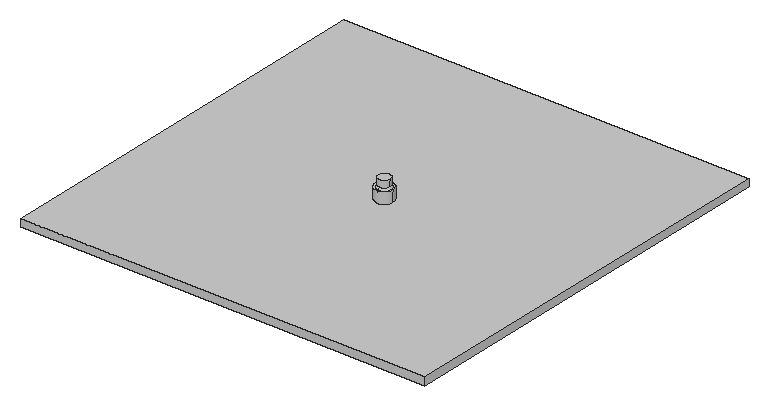
Revit family "SG0086523061CW", category Aparatos sanitarios, Revit 2019 (continued)
Forms (mm)
  Extrusion 869, solid, material "Bronce" <- "Bronce"
    sketch origin (725, -325, 2438.4) x (1, 0, 0) y (0, 1, 0)
      loop
        circle (-375, 375) r 0.896
    from -53.558 to -53.305
  Extrusion 870, solid, material "Bronce" <- "Bronce"
    sketch origin (711.097, -311.426, 2438.4) x (1, 0, 0) y (0, 1, 0)
      loop
        circle (-336.097, 361.426) r 1
    from -53.305 to -53
  Extrusion 871, solid, material "Bronce" <- "Bronce"
    sketch origin (750, -325, 2438.4) x (1, 0, 0) y (0, 1, 0)
      loop
        circle (-375, 375) r 0.896
    from -53.558 to -53.305
  Extrusion 872, solid, material "Bronce" <- "Bronce"
    sketch origin (-38.903, -336.426, 2438.4) x (1, 0, 0) y (0, 1, 0)
      loop
        circle (-336.097, 361.426) r 1
    from -53.305 to -53
  Extrusion 873, solid, material "Bronce" <- "Bronce"
    sketch origin (0, -350, 2438.4) x (1, 0, 0) y (0, 1, 0)
      loop
        circle (-375, 375) r 0.896
    from -53.558 to -53.305
  Extrusion 874, solid, material "Bronce" <- "Bronce"
    sketch origin (-13.903, -336.426, 2438.4) x (1, 0, 0) y (0, 1, 0)
      loop
        circle (-336.097, 361.426) r 1
    from -53.305 to -53
  Extrusion 875, solid, material "Bronce" <- "Bronce"
    sketch origin (25, -350, 2438.4) x (1, 0, 0) y (0, 1, 0)
      loop
        circle (-375, 375) r 0.896
    from -53.558 to -53.305
  Extrusion 876, solid, material "Bronce" <- "Bronce"
    sketch origin (11.097, -336.426, 2438.4) x (1, 0, 0) y (0, 1, 0)
      loop
        circle (-336.097, 361.426) r 1
    from -53.305 to -53
  Extrusion 877, solid, material "Bronce" <- "Bronce"
    sketch origin (50, -350, 2438.4) x (1, 0, 0) y (0, 1, 0)
      loop
        circle (-375, 375) r 0.896
    from -53.558 to -53.305
  Extrusion 878, solid, material "Bronce" <- "Bronce"
    sketch origin (36.097, -336.426, 2438.4) x (1, 0, 0) y (0, 1, 0)
      loop
        circle (-336.097, 361.426) r 1
    from -53.305 to -53
  Extrusion 879, solid, material "Bronce" <- "Bronce"
    sketch origin (75, -350, 2438.4) x (1, 0, 0) y (0, 1, 0)
      loop
        circle (-375, 375) r 0.896
    from -53.558 to -53.305
  Extrusion 880, solid, material "Bronce" <- "Bronce"
    sketch origin (61.097, -336.426, 2438.4) x (1, 0, 0) y (0, 1, 0)
      loop
        circle (-336.097, 361.426) r 1
    from -53.305 to -53
  Extrusion 881, solid, material "Bronce" <- "Bronce"
    sketch origin (100, -350, 2438.4) x (1, 0, 0) y (0, 1, 0)
      loop
        circle (-375, 375) r 0.896
    from -53.558 to -53.305
  Extrusion 882, solid, material "Bronce" <- "Bronce"
    sketch origin (86.097, -336.426, 2438.4) x (1, 0, 0) y (0, 1, 0)
      loop
        circle (-336.097, 361.426) r 1
    from -53.305 to -53
  Extrusion 883, solid, material "Bronce" <- "Bronce"
    sketch origin (125, -350, 2438.4) x (1, 0, 0) y (0, 1, 0)
      loop
        circle (-375, 375) r 0.896
    from -53.558 to -53.305
  Extrusion 884, solid, material "Bronce" <- "Bronce"
    sketch origin (111.097, -336.426, 2438.4) x (1, 0, 0) y (0, 1, 0)
      loop
        circle (-336.097, 361.426) r 1
    from -53.305 to -53
  Extrusion 885, solid, material "Bronce" <- "Bronce"
    sketch origin (150, -350, 2438.4) x (1, 0, 0) y (0, 1, 0)
      loop
        circle (-375, 375) r 0.896
    from -53.558 to -53.305
  Extrusion 886, solid, material "Bronce" <- "Bronce"
    sketch origin (136.097, -336.426, 2438.4) x (1, 0, 0) y (0, 1, 0)
      loop
        circle (-336.097, 361.426) r 1
    from -53.305 to -53
  Extrusion 887, solid, material "Bronce" <- "Bronce"
    sketch origin (175, -350, 2438.4) x (1, 0, 0) y (0, 1, 0)
      loop
        circle (-375, 375) r 0.896
    from -53.558 to -53.305
  Extrusion 888, solid, material "Bronce" <- "Bronce"
    sketch origin (161.097, -336.426, 2438.4) x (1, 0, 0) y (0, 1, 0)
      loop
        circle (-336.097, 361.426) r 1
    from -53.305 to -53
  Extrusion 889, solid, material "Bronce" <- "Bronce"
    sketch origin (200, -350, 2438.4) x (1, 0, 0) y (0, 1, 0)
      loop
        circle (-375, 375) r 0.896
    from -53.558 to -53.305
  Extrusion 890, solid, material "Bronce" <- "Bronce"
    sketch origin (186.097, -336.426, 2438.4) x (1, 0, 0) y (0, 1, 0)
      loop
        circle (-336.097, 361.426) r 1
    from -53.305 to -53
  Extrusion 891, solid, material "Bronce" <- "Bronce"
    sketch origin (225, -350, 2438.4) x (1, 0, 0) y (0, 1, 0)
      loop
        circle (-375, 375) r 0.896
    from -53.558 to -53.305
  Extrusion 892, solid, material "Bronce" <- "Bronce"
    sketch origin (211.097, -336.426, 2438.4) x (1, 0, 0) y (0, 1, 0)
      loop
        circle (-336.097, 361.426) r 1
    from -53.305 to -53
  Extrusion 893, solid, material "Bronce" <- "Bronce"
    sketch origin (250, -350, 2438.4) x (1, 0, 0) y (0, 1, 0)
      loop
        circle (-375, 375) r 0.896
    from -53.558 to -53.305
  Extrusion 894, solid, material "Bronce" <- "Bronce"
    sketch origin (236.097, -336.426, 2438.4) x (1, 0, 0) y (0, 1, 0)
      loop
        circle (-336.097, 361.426) r 1
    from -53.305 to -53
  Extrusion 895, solid, material "Bronce" <- "Bronce"
    sketch origin (275, -350, 2438.4) x (1, 0, 0) y (0, 1, 0)
      loop
        circle (-375, 375) r 0.896
    from -53.558 to -53.305
  Extrusion 896, solid, material "Bronce" <- "Bronce"
    sketch origin (261.097, -336.426, 2438.4) x (1, 0, 0) y (0, 1, 0)
      loop
        circle (-336.097, 361.426) r 1
    from -53.305 to -53
  Extrusion 897, solid, material "Bronce" <- "Bronce"
    sketch origin (300, -350, 2438.4) x (1, 0, 0) y (0, 1, 0)
      loop
        circle (-375, 375) r 0.896
    from -53.558 to -53.305
  Extrusion 898, solid, material "Bronce" <- "Bronce"
    sketch origin (286.097, -336.426, 2438.4) x (1, 0, 0) y (0, 1, 0)
      loop
        circle (-336.097, 361.426) r 1
    from -53.305 to -53
  Extrusion 899, solid, material "Bronce" <- "Bronce"
    sketch origin (325, -350, 2438.4) x (1, 0, 0) y (0, 1, 0)
      loop
        circle (-375, 375) r 0.896
    from -53.558 to -53.305
  Extrusion 900, solid, material "Bronce" <- "Bronce"
    sketch origin (311.097, -336.426, 2438.4) x (1, 0, 0) y (0, 1, 0)
      loop
        circle (-336.097, 361.426) r 1
    from -53.305 to -53
  Extrusion 901, solid, material "Bronce" <- "Bronce"
    sketch origin (350, -350, 2438.4) x (1, 0, 0) y (0, 1, 0)
      loop
        circle (-375, 375) r 0.896
    from -53.558 to -53.305
  Extrusion 902, solid, material "Bronce" <- "Bronce"
    sketch origin (336.097, -336.426, 2438.4) x (1, 0, 0) y (0, 1, 0)
      loop
        circle (-336.097, 361.426) r 1
    from -53.305 to -53
  Extrusion 903, solid, material "Bronce" <- "Bronce"
    sketch origin (375, -350, 2438.4) x (1, 0, 0) y (0, 1, 0)
      loop
        circle (-375, 375) r 0.896
    from -53.558 to -53.305
  Extrusion 904, solid, material "Bronce" <- "Bronce"
    sketch origin (361.097, -336.426, 2438.4) x (1, 0, 0) y (0, 1, 0)
      loop
        circle (-336.097, 361.426) r 1
    from -53.305 to -53
  Extrusion 905, solid, material "Bronce" <- "Bronce"
    sketch origin (400, -350, 2438.4) x (1, 0, 0) y (0, 1, 0)
      loop
        circle (-375, 375) r 0.896
    from -53.558 to -53.305
  Extrusion 906, solid, material "Bronce" <- "Bronce"
    sketch origin (386.097, -336.426, 2438.4) x (1, 0, 0) y (0, 1, 0)
      loop
        circle (-336.097, 361.426) r 1
    from -53.305 to -53
  Extrusion 907, solid, material "Bronce" <- "Bronce"
    sketch origin (425, -350, 2438.4) x (1, 0, 0) y (0, 1, 0)
      loop
        circle (-375, 375) r 0.896
    from -53.558 to -53.305
  Extrusion 908, solid, material "Bronce" <- "Bronce"
    sketch origin (411.097, -336.426, 2438.4) x (1, 0, 0) y (0, 1, 0)
      loop
        circle (-336.097, 361.426) r 1
    from -53.305 to -53
  Extrusion 909, solid, material "Bronce" <- "Bronce"
    sketch origin (450, -350, 2438.4) x (1, 0, 0) y (0, 1, 0)
      loop
        circle (-375, 375) r 0.896
    from -53.558 to -53.305
  Extrusion 910, solid, material "Bronce" <- "Bronce"
    sketch origin (436.097, -336.426, 2438.4) x (1, 0, 0) y (0, 1, 0)
      loop
        circle (-336.097, 361.426) r 1
    from -53.305 to -53
  Extrusion 911, solid, material "Bronce" <- "Bronce"
    sketch origin (475, -350, 2438.4) x (1, 0, 0) y (0, 1, 0)
      loop
        circle (-375, 375) r 0.896
    from -53.558 to -53.305
  Extrusion 912, solid, material "Bronce" <- "Bronce"
    sketch origin (461.097, -336.426, 2438.4) x (1, 0, 0) y (0, 1, 0)
      loop
        circle (-336.097, 361.426) r 1
    from -53.305 to -53
  Extrusion 913, solid, material "Bronce" <- "Bronce"
    sketch origin (500, -350, 2438.4) x (1, 0, 0) y (0, 1, 0)
      loop
        circle (-375, 375) r 0.896
    from -53.558 to -53.305
  Extrusion 914, solid, material "Bronce" <- "Bronce"
    sketch origin (486.097, -336.426, 2438.4) x (1, 0, 0) y (0, 1, 0)
      loop
        circle (-336.097, 361.426) r 1
    from -53.305 to -53
  Extrusion 915, solid, material "Bronce" <- "Bronce"
    sketch origin (525, -350, 2438.4) x (1, 0, 0) y (0, 1, 0)
      loop
        circle (-375, 375) r 0.896
    from -53.558 to -53.305
  Extrusion 916, solid, material "Bronce" <- "Bronce"
    sketch origin (511.097, -336.426, 2438.4) x (1, 0, 0) y (0, 1, 0)
      loop
        circle (-336.097, 361.426) r 1
    from -53.305 to -53
  Extrusion 917, solid, material "Bronce" <- "Bronce"
    sketch origin (550, -350, 2438.4) x (1, 0, 0) y (0, 1, 0)
      loop
        circle (-375, 375) r 0.896
    from -53.558 to -53.305
  Extrusion 918, solid, material "Bronce" <- "Bronce"
    sketch origin (536.097, -336.426, 2438.4) x (1, 0, 0) y (0, 1, 0)
      loop
        circle (-336.097, 361.426) r 1
    from -53.305 to -53
  Extrusion 919, solid, material "Bronce" <- "Bronce"
    sketch origin (575, -350, 2438.4) x (1, 0, 0) y (0, 1, 0)
      loop
        circle (-375, 375) r 0.896
    from -53.558 to -53.305
  Extrusion 920, solid, material "Bronce" <- "Bronce"
    sketch origin (561.097, -336.426, 2438.4) x (1, 0, 0) y (0, 1, 0)
      loop
        circle (-336.097, 361.426) r 1
    from -53.305 to -53
  Extrusion 921, solid, material "Bronce" <- "Bronce"
    sketch origin (600, -350, 2438.4) x (1, 0, 0) y (0, 1, 0)
      loop
        circle (-375, 375) r 0.896
    from -53.558 to -53.305
  Extrusion 922, solid, material "Bronce" <- "Bronce"
    sketch origin (586.097, -336.426, 2438.4) x (1, 0, 0) y (0, 1, 0)
      loop
        circle (-336.097, 361.426) r 1
    from -53.305 to -53
  Extrusion 923, solid, material "Bronce" <- "Bronce"
    sketch origin (625, -350, 2438.4) x (1, 0, 0) y (0, 1, 0)
      loop
        circle (-375, 375) r 0.896
    from -53.558 to -53.305
  Extrusion 924, solid, material "Bronce" <- "Bronce"
    sketch origin (611.097, -336.426, 2438.4) x (1, 0, 0) y (0, 1, 0)
      loop
        circle (-336.097, 361.426) r 1
    from -53.305 to -53
  Extrusion 925, solid, material "Bronce" <- "Bronce"
    sketch origin (650, -350, 2438.4) x (1, 0, 0) y (0, 1, 0)
      loop
        circle (-375, 375) r 0.896
    from -53.558 to -53.305
  Extrusion 926, solid, material "Bronce" <- "Bronce"
    sketch origin (636.097, -336.426, 2438.4) x (1, 0, 0) y (0, 1, 0)
      loop
        circle (-336.097, 361.426) r 1
    from -53.305 to -53
  Extrusion 927, solid, material "Bronce" <- "Bronce"
    sketch origin (675, -350, 2438.4) x (1, 0, 0) y (0, 1, 0)
      loop
        circle (-375, 375) r 0.896
    from -53.558 to -53.305
  Extrusion 928, solid, material "Bronce" <- "Bronce"
    sketch origin (661.097, -336.426, 2438.4) x (1, 0, 0) y (0, 1, 0)
      loop
        circle (-336.097, 361.426) r 1
    from -53.305 to -53
  Extrusion 929, solid, material "Bronce" <- "Bronce"
    sketch origin (700, -350, 2438.4) x (1, 0, 0) y (0, 1, 0)
      loop
        circle (-375, 375) r 0.896
    from -53.558 to -53.305
  Extrusion 930, solid, material "Bronce" <- "Bronce"
    sketch origin (686.097, -336.426, 2438.4) x (1, 0, 0) y (0, 1, 0)
      loop
        circle (-336.097, 361.426) r 1
    from -53.305 to -53
  Extrusion 931, solid, material "Bronce" <- "Bronce"
    sketch origin (725, -350, 2438.4) x (1, 0, 0) y (0, 1, 0)
      loop
        circle (-375, 375) r 0.896
    from -53.558 to -53.305
  Extrusion 932, solid, material "Bronce" <- "Bronce"
    sketch origin (711.097, -336.426, 2438.4) x (1, 0, 0) y (0, 1, 0)
      loop
        circle (-336.097, 361.426) r 1
    from -53.305 to -53
  Extrusion 933, solid, material "Bronce" <- "Bronce"
    sketch origin (750, -350, 2438.4) x (1, 0, 0) y (0, 1, 0)
      loop
        circle (-375, 375) r 0.896
    from -53.558 to -53.305
  Extrusion 934, solid, material "Bronce" <- "Bronce"
    sketch origin (-38.903, -361.426, 2438.4) x (1, 0, 0) y (0, 1, 0)
      loop
        circle (-336.097, 361.426) r 1
    from -53.305 to -53
  Extrusion 935, solid, material "Bronce" <- "Bronce"
    sketch origin (0, -375, 2438.4) x (1, 0, 0) y (0, 1, 0)
      loop
        circle (-375, 375) r 0.896
    from -53.558 to -53.305
  Extrusion 936, solid, material "Bronce" <- "Bronce"
    sketch origin (-13.903, -361.426, 2438.4) x (1, 0, 0) y (0, 1, 0)
      loop
        circle (-336.097, 361.426) r 1
    from -53.305 to -53
  Extrusion 937, solid, material "Bronce" <- "Bronce"
    sketch origin (25, -375, 2438.4) x (1, 0, 0) y (0, 1, 0)
      loop
        circle (-375, 375) r 0.896
    from -53.558 to -53.305
  Extrusion 938, solid, material "Bronce" <- "Bronce"
    sketch origin (11.097, -361.426, 2438.4) x (1, 0, 0) y (0, 1, 0)
      loop
        circle (-336.097, 361.426) r 1
    from -53.305 to -53
  Extrusion 939, solid, material "Bronce" <- "Bronce"
    sketch origin (50, -375, 2438.4) x (1, 0, 0) y (0, 1, 0)
      loop
        circle (-375, 375) r 0.896
    from -53.558 to -53.305
  Extrusion 940, solid, material "Bronce" <- "Bronce"
    sketch origin (36.097, -361.426, 2438.4) x (1, 0, 0) y (0, 1, 0)
      loop
        circle (-336.097, 361.426) r 1
    from -53.305 to -53
  Extrusion 941, solid, material "Bronce" <- "Bronce"
    sketch origin (75, -375, 2438.4) x (1, 0, 0) y (0, 1, 0)
      loop
        circle (-375, 375) r 0.896
    from -53.558 to -53.305
  Extrusion 942, solid, material "Bronce" <- "Bronce"
    sketch origin (61.097, -361.426, 2438.4) x (1, 0, 0) y (0, 1, 0)
      loop
        circle (-336.097, 361.426) r 1
    from -53.305 to -53
  Extrusion 943, solid, material "Bronce" <- "Bronce"
    sketch origin (100, -375, 2438.4) x (1, 0, 0) y (0, 1, 0)
      loop
        circle (-375, 375) r 0.896
    from -53.558 to -53.305
  Extrusion 944, solid, material "Bronce" <- "Bronce"
    sketch origin (86.097, -361.426, 2438.4) x (1, 0, 0) y (0, 1, 0)
      loop
        circle (-336.097, 361.426) r 1
    from -53.305 to -53
  Extrusion 945, solid, material "Bronce" <- "Bronce"
    sketch origin (125, -375, 2438.4) x (1, 0, 0) y (0, 1, 0)
      loop
        circle (-375, 375) r 0.896
    from -53.558 to -53.305
  Extrusion 946, solid, material "Bronce" <- "Bronce"
    sketch origin (111.097, -361.426, 2438.4) x (1, 0, 0) y (0, 1, 0)
      loop
        circle (-336.097, 361.426) r 1
    from -53.305 to -53
  Extrusion 947, solid, material "Bronce" <- "Bronce"
    sketch origin (150, -375, 2438.4) x (1, 0, 0) y (0, 1, 0)
      loop
        circle (-375, 375) r 0.896
    from -53.558 to -53.305
  Extrusion 948, solid, material "Bronce" <- "Bronce"
    sketch origin (136.097, -361.426, 2438.4) x (1, 0, 0) y (0, 1, 0)
      loop
        circle (-336.097, 361.426) r 1
    from -53.305 to -53
  Extrusion 949, solid, material "Bronce" <- "Bronce"
    sketch origin (175, -375, 2438.4) x (1, 0, 0) y (0, 1, 0)
      loop
        circle (-375, 375) r 0.896
    from -53.558 to -53.305
  Extrusion 950, solid, material "Bronce" <- "Bronce"
    sketch origin (161.097, -361.426, 2438.4) x (1, 0, 0) y (0, 1, 0)
      loop
        circle (-336.097, 361.426) r 1
    from -53.305 to -53
  Extrusion 951, solid, material "Bronce" <- "Bronce"
    sketch origin (200, -375, 2438.4) x (1, 0, 0) y (0, 1, 0)
      loop
        circle (-375, 375) r 0.896
    from -53.558 to -53.305
  Extrusion 952, solid, material "Bronce" <- "Bronce"
    sketch origin (186.097, -361.426, 2438.4) x (1, 0, 0) y (0, 1, 0)
      loop
        circle (-336.097, 361.426) r 1
    from -53.305 to -53
  Extrusion 953, solid, material "Bronce" <- "Bronce"
    sketch origin (225, -375, 2438.4) x (1, 0, 0) y (0, 1, 0)
      loop
        circle (-375, 375) r 0.896
    from -53.558 to -53.305
  Extrusion 954, solid, material "Bronce" <- "Bronce"
    sketch origin (211.097, -361.426, 2438.4) x (1, 0, 0) y (0, 1, 0)
      loop
        circle (-336.097, 361.426) r 1
    from -53.305 to -53
  Extrusion 955, solid, material "Bronce" <- "Bronce"
    sketch origin (250, -375, 2438.4) x (1, 0, 0) y (0, 1, 0)
      loop
        circle (-375, 375) r 0.896
    from -53.558 to -53.305
  Extrusion 956, solid, material "Bronce" <- "Bronce"
    sketch origin (236.097, -361.426, 2438.4) x (1, 0, 0) y (0, 1, 0)
      loop
        circle (-336.097, 361.426) r 1
    from -53.305 to -53
  Extrusion 957, solid, material "Bronce" <- "Bronce"
    sketch origin (275, -375, 2438.4) x (1, 0, 0) y (0, 1, 0)
      loop
        circle (-375, 375) r 0.896
    from -53.558 to -53.305
  Extrusion 958, solid, material "Bronce" <- "Bronce"
    sketch origin (261.097, -361.426, 2438.4) x (1, 0, 0) y (0, 1, 0)
      loop
        circle (-336.097, 361.426) r 1
    from -53.305 to -53
  Extrusion 959, solid, material "Bronce" <- "Bronce"
    sketch origin (300, -375, 2438.4) x (1, 0, 0) y (0, 1, 0)
      loop
        circle (-375, 375) r 0.896
    from -53.558 to -53.305
  Extrusion 960, solid, material "Bronce" <- "Bronce"
    sketch origin (286.097, -361.426, 2438.4) x (1, 0, 0) y (0, 1, 0)
      loop
        circle (-336.097, 361.426) r 1
    from -53.305 to -53
  Extrusion 961, solid, material "Bronce" <- "Bronce"
    sketch origin (325, -375, 2438.4) x (1, 0, 0) y (0, 1, 0)
      loop
        circle (-375, 375) r 0.896
    from -53.558 to -53.305
  Extrusion 962, solid, material "Bronce" <- "Bronce"
    sketch origin (311.097, -361.426, 2438.4) x (1, 0, 0) y (0, 1, 0)
      loop
        circle (-336.097, 361.426) r 1
    from -53.305 to -53
  Extrusion 963, solid, material "Bronce" <- "Bronce"
    sketch origin (350, -375, 2438.4) x (1, 0, 0) y (0, 1, 0)
      loop
        circle (-375, 375) r 0.896
    from -53.558 to -53.305
  Extrusion 964, solid, material "Bronce" <- "Bronce"
    sketch origin (336.097, -361.426, 2438.4) x (1, 0, 0) y (0, 1, 0)
      loop
        circle (-336.097, 361.426) r 1
    from -53.305 to -53
  Extrusion 965, solid, material "Bronce" <- "Bronce"
    sketch origin (375, -375, 2438.4) x (1, 0, 0) y (0, 1, 0)
      loop
        circle (-375, 375) r 0.896
    from -53.558 to -53.305
  Extrusion 966, solid, material "Bronce" <- "Bronce"
    sketch origin (361.097, -361.426, 2438.4) x (1, 0, 0) y (0, 1, 0)
      loop
        circle (-336.097, 361.426) r 1
    from -53.305 to -53
  Extrusion 967, solid, material "Bronce" <- "Bronce"
    sketch origin (400, -375, 2438.4) x (1, 0, 0) y (0, 1, 0)
      loop
        circle (-375, 375) r 0.896
    from -53.558 to -53.305
  Extrusion 968, solid, material "Bronce" <- "Bronce"
    sketch origin (386.097, -361.426, 2438.4) x (1, 0, 0) y (0, 1, 0)
      loop
        circle (-336.097, 361.426) r 1
    from -53.305 to -53
  Extrusion 969, solid, material "Bronce" <- "Bronce"
    sketch origin (425, -375, 2438.4) x (1, 0, 0) y (0, 1, 0)
      loop
        circle (-375, 375) r 0.896
    from -53.558 to -53.305
  Extrusion 970, solid, material "Bronce" <- "Bronce"
    sketch origin (411.097, -361.426, 2438.4) x (1, 0, 0) y (0, 1, 0)
      loop
        circle (-336.097, 361.426) r 1
    from -53.305 to -53
  Extrusion 971, solid, material "Bronce" <- "Bronce"
    sketch origin (450, -375, 2438.4) x (1, 0, 0) y (0, 1, 0)
      loop
        circle (-375, 375) r 0.896
    from -53.558 to -53.305
  Extrusion 972, solid, material "Bronce" <- "Bronce"
    sketch origin (436.097, -361.426, 2438.4) x (1, 0, 0) y (0, 1, 0)
      loop
        circle (-336.097, 361.426) r 1
    from -53.305 to -53
  Extrusion 973, solid, material "Bronce" <- "Bronce"
    sketch origin (475, -375, 2438.4) x (1, 0, 0) y (0, 1, 0)
      loop
        circle (-375, 375) r 0.896
    from -53.558 to -53.305
  Extrusion 974, solid, material "Bronce" <- "Bronce"
    sketch origin (461.097, -361.426, 2438.4) x (1, 0, 0) y (0, 1, 0)
      loop
        circle (-336.097, 361.426) r 1
    from -53.305 to -53
  Extrusion 975, solid, material "Bronce" <- "Bronce"
    sketch origin (500, -375, 2438.4) x (1, 0, 0) y (0, 1, 0)
      loop
        circle (-375, 375) r 0.896
    from -53.558 to -53.305
  Extrusion 976, solid, material "Bronce" <- "Bronce"
    sketch origin (486.097, -361.426, 2438.4) x (1, 0, 0) y (0, 1, 0)
      loop
        circle (-336.097, 361.426) r 1
    from -53.305 to -53
  Extrusion 977, solid, material "Bronce" <- "Bronce"
    sketch origin (525, -375, 2438.4) x (1, 0, 0) y (0, 1, 0)
      loop
        circle (-375, 375) r 0.896
    from -53.558 to -53.305
  Extrusion 978, solid, material "Bronce" <- "Bronce"
    sketch origin (511.097, -361.426, 2438.4) x (1, 0, 0) y (0, 1, 0)
      loop
        circle (-336.097, 361.426) r 1
    from -53.305 to -53
  Extrusion 979, solid, material "Bronce" <- "Bronce"
    sketch origin (550, -375, 2438.4) x (1, 0, 0) y (0, 1, 0)
      loop
        circle (-375, 375) r 0.896
    from -53.558 to -53.305
  Extrusion 980, solid, material "Bronce" <- "Bronce"
    sketch origin (536.097, -361.426, 2438.4) x (1, 0, 0) y (0, 1, 0)
      loop
        circle (-336.097, 361.426) r 1
    from -53.305 to -53
  Extrusion 981, solid, material "Bronce" <- "Bronce"
    sketch origin (575, -375, 2438.4) x (1, 0, 0) y (0, 1, 0)
      loop
        circle (-375, 375) r 0.896
    from -53.558 to -53.305
  Extrusion 982, solid, material "Bronce" <- "Bronce"
    sketch origin (561.097, -361.426, 2438.4) x (1, 0, 0) y (0, 1, 0)
      loop
        circle (-336.097, 361.426) r 1
    from -53.305 to -53
  Extrusion 983, solid, material "Bronce" <- "Bronce"
    sketch origin (600, -375, 2438.4) x (1, 0, 0) y (0, 1, 0)
      loop
        circle (-375, 375) r 0.896
    from -53.558 to -53.305
  Extrusion 984, solid, material "Bronce" <- "Bronce"
    sketch origin (586.097, -361.426, 2438.4) x (1, 0, 0) y (0, 1, 0)
      loop
        circle (-336.097, 361.426) r 1
    from -53.305 to -53
  Extrusion 985, solid, material "Bronce" <- "Bronce"
    sketch origin (625, -375, 2438.4) x (1, 0, 0) y (0, 1, 0)
      loop
        circle (-375, 375) r 0.896
    from -53.558 to -53.305
  Extrusion 986, solid, material "Bronce" <- "Bronce"
    sketch origin (611.097, -361.426, 2438.4) x (1, 0, 0) y (0, 1, 0)
      loop
        circle (-336.097, 361.426) r 1
    from -53.305 to -53
  Extrusion 987, solid, material "Bronce" <- "Bronce"
    sketch origin (650, -375, 2438.4) x (1, 0, 0) y (0, 1, 0)
      loop
        circle (-375, 375) r 0.896
    from -53.558 to -53.305
  Extrusion 988, solid, material "Bronce" <- "Bronce"
    sketch origin (636.097, -361.426, 2438.4) x (1, 0, 0) y (0, 1, 0)
      loop
        circle (-336.097, 361.426) r 1
    from -53.305 to -53
  Extrusion 989, solid, material "Bronce" <- "Bronce"
    sketch origin (675, -375, 2438.4) x (1, 0, 0) y (0, 1, 0)
      loop
        circle (-375, 375) r 0.896
    from -53.558 to -53.305
  Extrusion 990, solid, material "Bronce" <- "Bronce"
    sketch origin (661.097, -361.426, 2438.4) x (1, 0, 0) y (0, 1, 0)
      loop
        circle (-336.097, 361.426) r 1
    from -53.305 to -53
  Extrusion 991, solid, material "Bronce" <- "Bronce"
    sketch origin (700, -375, 2438.4) x (1, 0, 0) y (0, 1, 0)
      loop
        circle (-375, 375) r 0.896
    from -53.558 to -53.305
  Extrusion 992, solid, material "Bronce" <- "Bronce"
    sketch origin (686.097, -361.426, 2438.4) x (1, 0, 0) y (0, 1, 0)
      loop
        circle (-336.097, 361.426) r 1
    from -53.305 to -53
  Extrusion 993, solid, material "Bronce" <- "Bronce"
    sketch origin (725, -375, 2438.4) x (1, 0, 0) y (0, 1, 0)
      loop
        circle (-375, 375) r 0.896
    from -53.558 to -53.305
  Extrusion 994, solid, material "Bronce" <- "Bronce"
    sketch origin (711.097, -361.426, 2438.4) x (1, 0, 0) y (0, 1, 0)
      loop
        circle (-336.097, 361.426) r 1
    from -53.305 to -53
  Extrusion 995, solid, material "Bronce" <- "Bronce"
    sketch origin (750, -375, 2438.4) x (1, 0, 0) y (0, 1, 0)
      loop
        circle (-375, 375) r 0.896
    from -53.558 to -53.305
  Extrusion 996, solid, material "Bronce" <- "Bronce"
    sketch origin (-38.903, -386.426, 2438.4) x (1, 0, 0) y (0, 1, 0)
      loop
        circle (-336.097, 361.426) r 1
    from -53.305 to -53
  Extrusion 997, solid, material "Bronce" <- "Bronce"
    sketch origin (0, -400, 2438.4) x (1, 0, 0) y (0, 1, 0)
      loop
        circle (-375, 375) r 0.896
    from -53.558 to -53.305
  Extrusion 998, solid, material "Bronce" <- "Bronce"
    sketch origin (-13.903, -386.426, 2438.4) x (1, 0, 0) y (0, 1, 0)
      loop
        circle (-336.097, 361.426) r 1
    from -53.305 to -53
  Extrusion 999, solid, material "Bronce" <- "Bronce"
    sketch origin (25, -400, 2438.4) x (1, 0, 0) y (0, 1, 0)
      loop
        circle (-375, 375) r 0.896
    from -53.558 to -53.305
  Extrusion 1000, solid, material "Bronce" <- "Bronce"
    sketch origin (11.097, -386.426, 2438.4) x (1, 0, 0) y (0, 1, 0)
      loop
        circle (-336.097, 361.426) r 1
    from -53.305 to -53
  Extrusion 1001, solid, material "Bronce" <- "Bronce"
    sketch origin (50, -400, 2438.4) x (1, 0, 0) y (0, 1, 0)
      loop
        circle (-375, 375) r 0.896
    from -53.558 to -53.305
  Extrusion 1002, solid, material "Bronce" <- "Bronce"
    sketch origin (36.097, -386.426, 2438.4) x (1, 0, 0) y (0, 1, 0)
      loop
        circle (-336.097, 361.426) r 1
    from -53.305 to -53
  Extrusion 1003, solid, material "Bronce" <- "Bronce"
    sketch origin (75, -400, 2438.4) x (1, 0, 0) y (0, 1, 0)
      loop
        circle (-375, 375) r 0.896
    from -53.558 to -53.305
  Extrusion 1004, solid, material "Bronce" <- "Bronce"
    sketch origin (61.097, -386.426, 2438.4) x (1, 0, 0) y (0, 1, 0)
      loop
        circle (-336.097, 361.426) r 1
    from -53.305 to -53
  Extrusion 1005, solid, material "Bronce" <- "Bronce"
    sketch origin (100, -400, 2438.4) x (1, 0, 0) y (0, 1, 0)
      loop
        circle (-375, 375) r 0.896
    from -53.558 to -53.305
  Extrusion 1006, solid, material "Bronce" <- "Bronce"
    sketch origin (86.097, -386.426, 2438.4) x (1, 0, 0) y (0, 1, 0)
      loop
        circle (-336.097, 361.426) r 1
    from -53.305 to -53
  Extrusion 1007, solid, material "Bronce" <- "Bronce"
    sketch origin (125, -400, 2438.4) x (1, 0, 0) y (0, 1, 0)
      loop
        circle (-375, 375) r 0.896
    from -53.558 to -53.305
  Extrusion 1008, solid, material "Bronce" <- "Bronce"
    sketch origin (111.097, -386.426, 2438.4) x (1, 0, 0) y (0, 1, 0)
      loop
        circle (-336.097, 361.426) r 1
    from -53.305 to -53
  Extrusion 1009, solid, material "Bronce" <- "Bronce"
    sketch origin (150, -400, 2438.4) x (1, 0, 0) y (0, 1, 0)
      loop
        circle (-375, 375) r 0.896
    from -53.558 to -53.305
  Extrusion 1010, solid, material "Bronce" <- "Bronce"
    sketch origin (136.097, -386.426, 2438.4) x (1, 0, 0) y (0, 1, 0)
      loop
        circle (-336.097, 361.426) r 1
    from -53.305 to -53
  Extrusion 1011, solid, material "Bronce" <- "Bronce"
    sketch origin (175, -400, 2438.4) x (1, 0, 0) y (0, 1, 0)
      loop
        circle (-375, 375) r 0.896
    from -53.558 to -53.305
  Extrusion 1012, solid, material "Bronce" <- "Bronce"
    sketch origin (161.097, -386.426, 2438.4) x (1, 0, 0) y (0, 1, 0)
      loop
        circle (-336.097, 361.426) r 1
    from -53.305 to -53
  Extrusion 1013, solid, material "Bronce" <- "Bronce"
    sketch origin (200, -400, 2438.4) x (1, 0, 0) y (0, 1, 0)
      loop
        circle (-375, 375) r 0.896
    from -53.558 to -53.305
  Extrusion 1014, solid, material "Bronce" <- "Bronce"
    sketch origin (186.097, -386.426, 2438.4) x (1, 0, 0) y (0, 1, 0)
      loop
        circle (-336.097, 361.426) r 1
    from -53.305 to -53
  Extrusion 1015, solid, material "Bronce" <- "Bronce"
    sketch origin (225, -400, 2438.4) x (1, 0, 0) y (0, 1, 0)
      loop
        circle (-375, 375) r 0.896
    from -53.558 to -53.305
  Extrusion 1016, solid, material "Bronce" <- "Bronce"
    sketch origin (211.097, -386.426, 2438.4) x (1, 0, 0) y (0, 1, 0)
      loop
        circle (-336.097, 361.426) r 1
    from -53.305 to -53
  Extrusion 1017, solid, material "Bronce" <- "Bronce"
    sketch origin (250, -400, 2438.4) x (1, 0, 0) y (0, 1, 0)
      loop
        circle (-375, 375) r 0.896
    from -53.558 to -53.305
  Extrusion 1018, solid, material "Bronce" <- "Bronce"
    sketch origin (236.097, -386.426, 2438.4) x (1, 0, 0) y (0, 1, 0)
      loop
        circle (-336.097, 361.426) r 1
    from -53.305 to -53
  Extrusion 1019, solid, material "Bronce" <- "Bronce"
    sketch origin (275, -400, 2438.4) x (1, 0, 0) y (0, 1, 0)
      loop
        circle (-375, 375) r 0.896
    from -53.558 to -53.305
  Extrusion 1020, solid, material "Bronce" <- "Bronce"
    sketch origin (261.097, -386.426, 2438.4) x (1, 0, 0) y (0, 1, 0)
      loop
        circle (-336.097, 361.426) r 1
    from -53.305 to -53
  Extrusion 1021, solid, material "Bronce" <- "Bronce"
    sketch origin (300, -400, 2438.4) x (1, 0, 0) y (0, 1, 0)
      loop
        circle (-375, 375) r 0.896
    from -53.558 to -53.305
  Extrusion 1022, solid, material "Bronce" <- "Bronce"
    sketch origin (286.097, -386.426, 2438.4) x (1, 0, 0) y (0, 1, 0)
      loop
        circle (-336.097, 361.426) r 1
    from -53.305 to -53
  Extrusion 1023, solid, material "Bronce" <- "Bronce"
    sketch origin (325, -400, 2438.4) x (1, 0, 0) y (0, 1, 0)
      loop
        circle (-375, 375) r 0.896
    from -53.558 to -53.305
  Extrusion 1024, solid, material "Bronce" <- "Bronce"
    sketch origin (311.097, -386.426, 2438.4) x (1, 0, 0) y (0, 1, 0)
      loop
        circle (-336.097, 361.426) r 1
    from -53.305 to -53
  Extrusion 1025, solid, material "Bronce" <- "Bronce"
    sketch origin (350, -400, 2438.4) x (1, 0, 0) y (0, 1, 0)
      loop
        circle (-375, 375) r 0.896
    from -53.558 to -53.305
  Extrusion 1026, solid, material "Bronce" <- "Bronce"
    sketch origin (336.097, -386.426, 2438.4) x (1, 0, 0) y (0, 1, 0)
      loop
        circle (-336.097, 361.426) r 1
    from -53.305 to -53
  Extrusion 1027, solid, material "Bronce" <- "Bronce"
    sketch origin (375, -400, 2438.4) x (1, 0, 0) y (0, 1, 0)
      loop
        circle (-375, 375) r 0.896
    from -53.558 to -53.305
  Extrusion 1028, solid, material "Bronce" <- "Bronce"
    sketch origin (361.097, -386.426, 2438.4) x (1, 0, 0) y (0, 1, 0)
      loop
        circle (-336.097, 361.426) r 1
    from -53.305 to -53
  Extrusion 1029, solid, material "Bronce" <- "Bronce"
    sketch origin (400, -400, 2438.4) x (1, 0, 0) y (0, 1, 0)
      loop
        circle (-375, 375) r 0.896
    from -53.558 to -53.305
  Extrusion 1030, solid, material "Bronce" <- "Bronce"
    sketch origin (386.097, -386.426, 2438.4) x (1, 0, 0) y (0, 1, 0)
      loop
        circle (-336.097, 361.426) r 1
    from -53.305 to -53
  Extrusion 1031, solid, material "Bronce" <- "Bronce"
    sketch origin (425, -400, 2438.4) x (1, 0, 0) y (0, 1, 0)
      loop
        circle (-375, 375) r 0.896
    from -53.558 to -53.305
  Extrusion 1032, solid, material "Bronce" <- "Bronce"
    sketch origin (411.097, -386.426, 2438.4) x (1, 0, 0) y (0, 1, 0)
      loop
        circle (-336.097, 361.426) r 1
    from -53.305 to -53
  Extrusion 1033, solid, material "Bronce" <- "Bronce"
    sketch origin (450, -400, 2438.4) x (1, 0, 0) y (0, 1, 0)
      loop
        circle (-375, 375) r 0.896
    from -53.558 to -53.305
  Extrusion 1034, solid, material "Bronce" <- "Bronce"
    sketch origin (436.097, -386.426, 2438.4) x (1, 0, 0) y (0, 1, 0)
      loop
        circle (-336.097, 361.426) r 1
    from -53.305 to -53
  Extrusion 1035, solid, material "Bronce" <- "Bronce"
    sketch origin (475, -400, 2438.4) x (1, 0, 0) y (0, 1, 0)
      loop
        circle (-375, 375) r 0.896
    from -53.558 to -53.305
  Extrusion 1036, solid, material "Bronce" <- "Bronce"
    sketch origin (461.097, -386.426, 2438.4) x (1, 0, 0) y (0, 1, 0)
      loop
        circle (-336.097, 361.426) r 1
    from -53.305 to -53
  Extrusion 1037, solid, material "Bronce" <- "Bronce"
    sketch origin (500, -400, 2438.4) x (1, 0, 0) y (0, 1, 0)
      loop
        circle (-375, 375) r 0.896
    from -53.558 to -53.305
  Extrusion 1038, solid, material "Bronce" <- "Bronce"
    sketch origin (486.097, -386.426, 2438.4) x (1, 0, 0) y (0, 1, 0)
      loop
        circle (-336.097, 361.426) r 1
    from -53.305 to -53
  Extrusion 1039, solid, material "Bronce" <- "Bronce"
    sketch origin (525, -400, 2438.4) x (1, 0, 0) y (0, 1, 0)
      loop
        circle (-375, 375) r 0.896
    from -53.558 to -53.305
  Extrusion 1040, solid, material "Bronce" <- "Bronce"
    sketch origin (511.097, -386.426, 2438.4) x (1, 0, 0) y (0, 1, 0)
      loop
        circle (-336.097, 361.426) r 1
    from -53.305 to -53
  Extrusion 1041, solid, material "Bronce" <- "Bronce"
    sketch origin (550, -400, 2438.4) x (1, 0, 0) y (0, 1, 0)
      loop
        circle (-375, 375) r 0.896
    from -53.558 to -53.305
  Extrusion 1042, solid, material "Bronce" <- "Bronce"
    sketch origin (536.097, -386.426, 2438.4) x (1, 0, 0) y (0, 1, 0)
      loop
        circle (-336.097, 361.426) r 1
    from -53.305 to -53
  Extrusion 1043, solid, material "Bronce" <- "Bronce"
    sketch origin (575, -400, 2438.4) x (1, 0, 0) y (0, 1, 0)
      loop
        circle (-375, 375) r 0.896
    from -53.558 to -53.305
  Extrusion 1044, solid, material "Bronce" <- "Bronce"
    sketch origin (561.097, -386.426, 2438.4) x (1, 0, 0) y (0, 1, 0)
      loop
        circle (-336.097, 361.426) r 1
    from -53.305 to -53
  Extrusion 1045, solid, material "Bronce" <- "Bronce"
    sketch origin (600, -400, 2438.4) x (1, 0, 0) y (0, 1, 0)
      loop
        circle (-375, 375) r 0.896
    from -53.558 to -53.305
  Extrusion 1046, solid, material "Bronce" <- "Bronce"
    sketch origin (586.097, -386.426, 2438.4) x (1, 0, 0) y (0, 1, 0)
      loop
        circle (-336.097, 361.426) r 1
    from -53.305 to -53
  Extrusion 1047, solid, material "Bronce" <- "Bronce"
    sketch origin (625, -400, 2438.4) x (1, 0, 0) y (0, 1, 0)
      loop
        circle (-375, 375) r 0.896
    from -53.558 to -53.305
  Extrusion 1048, solid, material "Bronce" <- "Bronce"
    sketch origin (611.097, -386.426, 2438.4) x (1, 0, 0) y (0, 1, 0)
      loop
        circle (-336.097, 361.426) r 1
    from -53.305 to -53
  Extrusion 1049, solid, material "Bronce" <- "Bronce"
    sketch origin (650, -400, 2438.4) x (1, 0, 0) y (0, 1, 0)
      loop
        circle (-375, 375) r 0.896
    from -53.558 to -53.305
  Extrusion 1050, solid, material "Bronce" <- "Bronce"
    sketch origin (636.097, -386.426, 2438.4) x (1, 0, 0) y (0, 1, 0)
      loop
        circle (-336.097, 361.426) r 1
    from -53.305 to -53
  Extrusion 1051, solid, material "Bronce" <- "Bronce"
    sketch origin (675, -400, 2438.4) x (1, 0, 0) y (0, 1, 0)
      loop
        circle (-375, 375) r 0.896
    from -53.558 to -53.305
  Extrusion 1052, solid, material "Bronce" <- "Bronce"
    sketch origin (661.097, -386.426, 2438.4) x (1, 0, 0) y (0, 1, 0)
      loop
        circle (-336.097, 361.426) r 1
    from -53.305 to -53
  Extrusion 1053, solid, material "Bronce" <- "Bronce"
    sketch origin (700, -400, 2438.4) x (1, 0, 0) y (0, 1, 0)
      loop
        circle (-375, 375) r 0.896
    from -53.558 to -53.305
  Extrusion 1054, solid, material "Bronce" <- "Bronce"
    sketch origin (686.097, -386.426, 2438.4) x (1, 0, 0) y (0, 1, 0)
      loop
        circle (-336.097, 361.426) r 1
    from -53.305 to -53
  Extrusion 1055, solid, material "Bronce" <- "Bronce"
    sketch origin (725, -400, 2438.4) x (1, 0, 0) y (0, 1, 0)
      loop
        circle (-375, 375) r 0.896
    from -53.558 to -53.305
  Extrusion 1056, solid, material "Bronce" <- "Bronce"
    sketch origin (711.097, -386.426, 2438.4) x (1, 0, 0) y (0, 1, 0)
      loop
        circle (-336.097, 361.426) r 1
    from -53.305 to -53
  Extrusion 1057, solid, material "Bronce" <- "Bronce"
    sketch origin (750, -400, 2438.4) x (1, 0, 0) y (0, 1, 0)
      loop
        circle (-375, 375) r 0.896
    from -53.558 to -53.305
  Extrusion 1058, solid, material "Bronce" <- "Bronce"
    sketch origin (-38.903, -411.426, 2438.4) x (1, 0, 0) y (0, 1, 0)
      loop
        circle (-336.097, 361.426) r 1
    from -53.305 to -53
  Extrusion 1059, solid, material "Bronce" <- "Bronce"
    sketch origin (0, -425, 2438.4) x (1, 0, 0) y (0, 1, 0)
      loop
        circle (-375, 375) r 0.896
    from -53.558 to -53.305
  Extrusion 1060, solid, material "Bronce" <- "Bronce"
    sketch origin (-13.903, -411.426, 2438.4) x (1, 0, 0) y (0, 1, 0)
      loop
        circle (-336.097, 361.426) r 1
    from -53.305 to -53
  Extrusion 1061, solid, material "Bronce" <- "Bronce"
    sketch origin (25, -425, 2438.4) x (1, 0, 0) y (0, 1, 0)
      loop
        circle (-375, 375) r 0.896
    from -53.558 to -53.305
  Extrusion 1062, solid, material "Bronce" <- "Bronce"
    sketch origin (11.097, -411.426, 2438.4) x (1, 0, 0) y (0, 1, 0)
      loop
        circle (-336.097, 361.426) r 1
    from -53.305 to -53
  Extrusion 1063, solid, material "Bronce" <- "Bronce"
    sketch origin (50, -425, 2438.4) x (1, 0, 0) y (0, 1, 0)
      loop
        circle (-375, 375) r 0.896
    from -53.558 to -53.305
  Extrusion 1064, solid, material "Bronce" <- "Bronce"
    sketch origin (36.097, -411.426, 2438.4) x (1, 0, 0) y (0, 1, 0)
      loop
        circle (-336.097, 361.426) r 1
    from -53.305 to -53
  Extrusion 1065, solid, material "Bronce" <- "Bronce"
    sketch origin (75, -425, 2438.4) x (1, 0, 0) y (0, 1, 0)
      loop
        circle (-375, 375) r 0.896
    from -53.558 to -53.305
  Extrusion 1066, solid, material "Bronce" <- "Bronce"
    sketch origin (61.097, -411.426, 2438.4) x (1, 0, 0) y (0, 1, 0)
      loop
        circle (-336.097, 361.426) r 1
    from -53.305 to -53
  Extrusion 1067, solid, material "Bronce" <- "Bronce"
    sketch origin (100, -425, 2438.4) x (1, 0, 0) y (0, 1, 0)
      loop
        circle (-375, 375) r 0.896
    from -53.558 to -53.305
  Extrusion 1068, solid, material "Bronce" <- "Bronce"
    sketch origin (86.097, -411.426, 2438.4) x (1, 0, 0) y (0, 1, 0)
      loop
        circle (-336.097, 361.426) r 1
    from -53.305 to -53
  Extrusion 1069, solid, material "Bronce" <- "Bronce"
    sketch origin (125, -425, 2438.4) x (1, 0, 0) y (0, 1, 0)
      loop
        circle (-375, 375) r 0.896
    from -53.558 to -53.305
  Extrusion 1070, solid, material "Bronce" <- "Bronce"
    sketch origin (111.097, -411.426, 2438.4) x (1, 0, 0) y (0, 1, 0)
      loop
        circle (-336.097, 361.426) r 1
    from -53.305 to -53
  Extrusion 1071, solid, material "Bronce" <- "Bronce"
    sketch origin (150, -425, 2438.4) x (1, 0, 0) y (0, 1, 0)
      loop
        circle (-375, 375) r 0.896
    from -53.558 to -53.305
  Extrusion 1072, solid, material "Bronce" <- "Bronce"
    sketch origin (136.097, -411.426, 2438.4) x (1, 0, 0) y (0, 1, 0)
      loop
        circle (-336.097, 361.426) r 1
    from -53.305 to -53
  Extrusion 1073, solid, material "Bronce" <- "Bronce"
    sketch origin (175, -425, 2438.4) x (1, 0, 0) y (0, 1, 0)
      loop
        circle (-375, 375) r 0.896
    from -53.558 to -53.305
  Extrusion 1074, solid, material "Bronce" <- "Bronce"
    sketch origin (161.097, -411.426, 2438.4) x (1, 0, 0) y (0, 1, 0)
      loop
        circle (-336.097, 361.426) r 1
    from -53.305 to -53
  Extrusion 1075, solid, material "Bronce" <- "Bronce"
    sketch origin (200, -425, 2438.4) x (1, 0, 0) y (0, 1, 0)
      loop
        circle (-375, 375) r 0.896
    from -53.558 to -53.305
  Extrusion 1076, solid, material "Bronce" <- "Bronce"
    sketch origin (186.097, -411.426, 2438.4) x (1, 0, 0) y (0, 1, 0)
      loop
        circle (-336.097, 361.426) r 1
    from -53.305 to -53
  Extrusion 1077, solid, material "Bronce" <- "Bronce"
    sketch origin (225, -425, 2438.4) x (1, 0, 0) y (0, 1, 0)
      loop
        circle (-375, 375) r 0.896
    from -53.558 to -53.305
  Extrusion 1078, solid, material "Bronce" <- "Bronce"
    sketch origin (211.097, -411.426, 2438.4) x (1, 0, 0) y (0, 1, 0)
      loop
        circle (-336.097, 361.426) r 1
    from -53.305 to -53
  Extrusion 1079, solid, material "Bronce" <- "Bronce"
    sketch origin (250, -425, 2438.4) x (1, 0, 0) y (0, 1, 0)
      loop
        circle (-375, 375) r 0.896
    from -53.558 to -53.305
  Extrusion 1080, solid, material "Bronce" <- "Bronce"
    sketch origin (236.097, -411.426, 2438.4) x (1, 0, 0) y (0, 1, 0)
      loop
        circle (-336.097, 361.426) r 1
    from -53.305 to -53
  Extrusion 1081, solid, material "Bronce" <- "Bronce"
    sketch origin (275, -425, 2438.4) x (1, 0, 0) y (0, 1, 0)
      loop
        circle (-375, 375) r 0.896
    from -53.558 to -53.305
  Extrusion 1082, solid, material "Bronce" <- "Bronce"
    sketch origin (261.097, -411.426, 2438.4) x (1, 0, 0) y (0, 1, 0)
      loop
        circle (-336.097, 361.426) r 1
    from -53.305 to -53
  Extrusion 1083, solid, material "Bronce" <- "Bronce"
    sketch origin (300, -425, 2438.4) x (1, 0, 0) y (0, 1, 0)
      loop
        circle (-375, 375) r 0.896
    from -53.558 to -53.305
  Extrusion 1084, solid, material "Bronce" <- "Bronce"
    sketch origin (286.097, -411.426, 2438.4) x (1, 0, 0) y (0, 1, 0)
      loop
        circle (-336.097, 361.426) r 1
    from -53.305 to -53
  Extrusion 1085, solid, material "Bronce" <- "Bronce"
    sketch origin (325, -425, 2438.4) x (1, 0, 0) y (0, 1, 0)
      loop
        circle (-375, 375) r 0.896
    from -53.558 to -53.305
  Extrusion 1086, solid, material "Bronce" <- "Bronce"
    sketch origin (311.097, -411.426, 2438.4) x (1, 0, 0) y (0, 1, 0)
      loop
        circle (-336.097, 361.426) r 1
    from -53.305 to -53
  Extrusion 1087, solid, material "Bronce" <- "Bronce"
    sketch origin (350, -425, 2438.4) x (1, 0, 0) y (0, 1, 0)
      loop
        circle (-375, 375) r 0.896
    from -53.558 to -53.305
  Extrusion 1088, solid, material "Bronce" <- "Bronce"
    sketch origin (336.097, -411.426, 2438.4) x (1, 0, 0) y (0, 1, 0)
      loop
        circle (-336.097, 361.426) r 1
    from -53.305 to -53
  Extrusion 1089, solid, material "Bronce" <- "Bronce"
    sketch origin (375, -425, 2438.4) x (1, 0, 0) y (0, 1, 0)
      loop
        circle (-375, 375) r 0.896
    from -53.558 to -53.305
  Extrusion 1090, solid, material "Bronce" <- "Bronce"
    sketch origin (361.097, -411.426, 2438.4) x (1, 0, 0) y (0, 1, 0)
      loop
        circle (-336.097, 361.426) r 1
    from -53.305 to -53
  Extrusion 1091, solid, material "Bronce" <- "Bronce"
    sketch origin (400, -425, 2438.4) x (1, 0, 0) y (0, 1, 0)
      loop
        circle (-375, 375) r 0.896
    from -53.558 to -53.305
  Extrusion 1092, solid, material "Bronce" <- "Bronce"
    sketch origin (386.097, -411.426, 2438.4) x (1, 0, 0) y (0, 1, 0)
      loop
        circle (-336.097, 361.426) r 1
    from -53.305 to -53
  Extrusion 1093, solid, material "Bronce" <- "Bronce"
    sketch origin (425, -425, 2438.4) x (1, 0, 0) y (0, 1, 0)
      loop
        circle (-375, 375) r 0.896
    from -53.558 to -53.305
  Extrusion 1094, solid, material "Bronce" <- "Bronce"
    sketch origin (411.097, -411.426, 2438.4) x (1, 0, 0) y (0, 1, 0)
      loop
        circle (-336.097, 361.426) r 1
    from -53.305 to -53
  Extrusion 1095, solid, material "Bronce" <- "Bronce"
    sketch origin (450, -425, 2438.4) x (1, 0, 0) y (0, 1, 0)
      loop
        circle (-375, 375) r 0.896
    from -53.558 to -53.305
  Extrusion 1096, solid, material "Bronce" <- "Bronce"
    sketch origin (436.097, -411.426, 2438.4) x (1, 0, 0) y (0, 1, 0)
      loop
        circle (-336.097, 361.426) r 1
    from -53.305 to -53
  Extrusion 1097, solid, material "Bronce" <- "Bronce"
    sketch origin (475, -425, 2438.4) x (1, 0, 0) y (0, 1, 0)
      loop
        circle (-375, 375) r 0.896
    from -53.558 to -53.305
  Extrusion 1098, solid, material "Bronce" <- "Bronce"
    sketch origin (461.097, -411.426, 2438.4) x (1, 0, 0) y (0, 1, 0)
      loop
        circle (-336.097, 361.426) r 1
    from -53.305 to -53
  Extrusion 1099, solid, material "Bronce" <- "Bronce"
    sketch origin (500, -425, 2438.4) x (1, 0, 0) y (0, 1, 0)
      loop
        circle (-375, 375) r 0.896
    from -53.558 to -53.305
  Extrusion 1100, solid, material "Bronce" <- "Bronce"
    sketch origin (486.097, -411.426, 2438.4) x (1, 0, 0) y (0, 1, 0)
      loop
        circle (-336.097, 361.426) r 1
    from -53.305 to -53
  Extrusion 1101, solid, material "Bronce" <- "Bronce"
    sketch origin (525, -425, 2438.4) x (1, 0, 0) y (0, 1, 0)
      loop
        circle (-375, 375) r 0.896
    from -53.558 to -53.305
  Extrusion 1102, solid, material "Bronce" <- "Bronce"
    sketch origin (511.097, -411.426, 2438.4) x (1, 0, 0) y (0, 1, 0)
      loop
        circle (-336.097, 361.426) r 1
    from -53.305 to -53
  Extrusion 1103, solid, material "Bronce" <- "Bronce"
    sketch origin (550, -425, 2438.4) x (1, 0, 0) y (0, 1, 0)
      loop
        circle (-375, 375) r 0.896
    from -53.558 to -53.305
  Extrusion 1104, solid, material "Bronce" <- "Bronce"
    sketch origin (536.097, -411.426, 2438.4) x (1, 0, 0) y (0, 1, 0)
      loop
        circle (-336.097, 361.426) r 1
    from -53.305 to -53
  Extrusion 1105, solid, material "Bronce" <- "Bronce"
    sketch origin (575, -425, 2438.4) x (1, 0, 0) y (0, 1, 0)
      loop
        circle (-375, 375) r 0.896
    from -53.558 to -53.305
  Extrusion 1106, solid, material "Bronce" <- "Bronce"
    sketch origin (561.097, -411.426, 2438.4) x (1, 0, 0) y (0, 1, 0)
      loop
        circle (-336.097, 361.426) r 1
    from -53.305 to -53
  Extrusion 1107, solid, material "Bronce" <- "Bronce"
    sketch origin (600, -425, 2438.4) x (1, 0, 0) y (0, 1, 0)
      loop
        circle (-375, 375) r 0.896
    from -53.558 to -53.305
  Extrusion 1108, solid, material "Bronce" <- "Bronce"
    sketch origin (586.097, -411.426, 2438.4) x (1, 0, 0) y (0, 1, 0)
      loop
        circle (-336.097, 361.426) r 1
    from -53.305 to -53
  Extrusion 1109, solid, material "Bronce" <- "Bronce"
    sketch origin (625, -425, 2438.4) x (1, 0, 0) y (0, 1, 0)
      loop
        circle (-375, 375) r 0.896
    from -53.558 to -53.305
  Extrusion 1110, solid, material "Bronce" <- "Bronce"
    sketch origin (611.097, -411.426, 2438.4) x (1, 0, 0) y (0, 1, 0)
      loop
        circle (-336.097, 361.426) r 1
    from -53.305 to -53
  Extrusion 1111, solid, material "Bronce" <- "Bronce"
    sketch origin (650, -425, 2438.4) x (1, 0, 0) y (0, 1, 0)
      loop
        circle (-375, 375) r 0.896
    from -53.558 to -53.305
  Extrusion 1112, solid, material "Bronce" <- "Bronce"
    sketch origin (636.097, -411.426, 2438.4) x (1, 0, 0) y (0, 1, 0)
      loop
        circle (-336.097, 361.426) r 1
    from -53.305 to -53
  Extrusion 1113, solid, material "Bronce" <- "Bronce"
    sketch origin (675, -425, 2438.4) x (1, 0, 0) y (0, 1, 0)
      loop
        circle (-375, 375) r 0.896
    from -53.558 to -53.305
  Extrusion 1114, solid, material "Bronce" <- "Bronce"
    sketch origin (661.097, -411.426, 2438.4) x (1, 0, 0) y (0, 1, 0)
      loop
        circle (-336.097, 361.426) r 1
    from -53.305 to -53
  Extrusion 1115, solid, material "Bronce" <- "Bronce"
    sketch origin (700, -425, 2438.4) x (1, 0, 0) y (0, 1, 0)
      loop
        circle (-375, 375) r 0.896
    from -53.558 to -53.305
  Extrusion 1116, solid, material "Bronce" <- "Bronce"
    sketch origin (686.097, -411.426, 2438.4) x (1, 0, 0) y (0, 1, 0)
      loop
        circle (-336.097, 361.426) r 1
    from -53.305 to -53
  Extrusion 1117, solid, material "Bronce" <- "Bronce"
    sketch origin (725, -425, 2438.4) x (1, 0, 0) y (0, 1, 0)
      loop
        circle (-375, 375) r 0.896
    from -53.558 to -53.305
  Extrusion 1118, solid, material "Bronce" <- "Bronce"
    sketch origin (711.097, -411.426, 2438.4) x (1, 0, 0) y (0, 1, 0)
      loop
        circle (-336.097, 361.426) r 1
    from -53.305 to -53
  Extrusion 1119, solid, material "Bronce" <- "Bronce"
    sketch origin (750, -425, 2438.4) x (1, 0, 0) y (0, 1, 0)
      loop
        circle (-375, 375) r 0.896
    from -53.558 to -53.305
  Extrusion 1120, solid, material "Bronce" <- "Bronce"
    sketch origin (-38.903, -436.426, 2438.4) x (1, 0, 0) y (0, 1, 0)
      loop
        circle (-336.097, 361.426) r 1
    from -53.305 to -53
  Extrusion 1121, solid, material "Bronce" <- "Bronce"
    sketch origin (0, -450, 2438.4) x (1, 0, 0) y (0, 1, 0)
      loop
        circle (-375, 375) r 0.896
    from -53.558 to -53.305
  Extrusion 1122, solid, material "Bronce" <- "Bronce"
    sketch origin (-13.903, -436.426, 2438.4) x (1, 0, 0) y (0, 1, 0)
      loop
        circle (-336.097, 361.426) r 1
    from -53.305 to -53
  Extrusion 1123, solid, material "Bronce" <- "Bronce"
    sketch origin (25, -450, 2438.4) x (1, 0, 0) y (0, 1, 0)
      loop
        circle (-375, 375) r 0.896
    from -53.558 to -53.305
  Extrusion 1124, solid, material "Bronce" <- "Bronce"
    sketch origin (11.097, -436.426, 2438.4) x (1, 0, 0) y (0, 1, 0)
      loop
        circle (-336.097, 361.426) r 1
    from -53.305 to -53
  Extrusion 1125, solid, material "Bronce" <- "Bronce"
    sketch origin (50, -450, 2438.4) x (1, 0, 0) y (0, 1, 0)
      loop
        circle (-375, 375) r 0.896
    from -53.558 to -53.305
  Extrusion 1126, solid, material "Bronce" <- "Bronce"
    sketch origin (36.097, -436.426, 2438.4) x (1, 0, 0) y (0, 1, 0)
      loop
        circle (-336.097, 361.426) r 1
    from -53.305 to -53
  Extrusion 1127, solid, material "Bronce" <- "Bronce"
    sketch origin (75, -450, 2438.4) x (1, 0, 0) y (0, 1, 0)
      loop
        circle (-375, 375) r 0.896
    from -53.558 to -53.305
  Extrusion 1128, solid, material "Bronce" <- "Bronce"
    sketch origin (61.097, -436.426, 2438.4) x (1, 0, 0) y (0, 1, 0)
      loop
        circle (-336.097, 361.426) r 1
    from -53.305 to -53
  Extrusion 1129, solid, material "Bronce" <- "Bronce"
    sketch origin (100, -450, 2438.4) x (1, 0, 0) y (0, 1, 0)
      loop
        circle (-375, 375) r 0.896
    from -53.558 to -53.305
  Extrusion 1130, solid, material "Bronce" <- "Bronce"
    sketch origin (86.097, -436.426, 2438.4) x (1, 0, 0) y (0, 1, 0)
      loop
        circle (-336.097, 361.426) r 1
    from -53.305 to -53
  Extrusion 1131, solid, material "Bronce" <- "Bronce"
    sketch origin (125, -450, 2438.4) x (1, 0, 0) y (0, 1, 0)
      loop
        circle (-375, 375) r 0.896
    from -53.558 to -53.305
  Extrusion 1132, solid, material "Bronce" <- "Bronce"
    sketch origin (111.097, -436.426, 2438.4) x (1, 0, 0) y (0, 1, 0)
      loop
        circle (-336.097, 361.426) r 1
    from -53.305 to -53
  Extrusion 1133, solid, material "Bronce" <- "Bronce"
    sketch origin (150, -450, 2438.4) x (1, 0, 0) y (0, 1, 0)
      loop
        circle (-375, 375) r 0.896
    from -53.558 to -53.305
  Extrusion 1134, solid, material "Bronce" <- "Bronce"
    sketch origin (136.097, -436.426, 2438.4) x (1, 0, 0) y (0, 1, 0)
      loop
        circle (-336.097, 361.426) r 1
    from -53.305 to -53
  Extrusion 1135, solid, material "Bronce" <- "Bronce"
    sketch origin (175, -450, 2438.4) x (1, 0, 0) y (0, 1, 0)
      loop
        circle (-375, 375) r 0.896
    from -53.558 to -53.305
  Extrusion 1136, solid, material "Bronce" <- "Bronce"
    sketch origin (161.097, -436.426, 2438.4) x (1, 0, 0) y (0, 1, 0)
      loop
        circle (-336.097, 361.426) r 1
    from -53.305 to -53
  Extrusion 1137, solid, material "Bronce" <- "Bronce"
    sketch origin (200, -450, 2438.4) x (1, 0, 0) y (0, 1, 0)
      loop
        circle (-375, 375) r 0.896
    from -53.558 to -53.305
  Extrusion 1138, solid, material "Bronce" <- "Bronce"
    sketch origin (186.097, -436.426, 2438.4) x (1, 0, 0) y (0, 1, 0)
      loop
        circle (-336.097, 361.426) r 1
    from -53.305 to -53
  Extrusion 1139, solid, material "Bronce" <- "Bronce"
    sketch origin (225, -450, 2438.4) x (1, 0, 0) y (0, 1, 0)
      loop
        circle (-375, 375) r 0.896
    from -53.558 to -53.305
  Extrusion 1140, solid, material "Bronce" <- "Bronce"
    sketch origin (211.097, -436.426, 2438.4) x (1, 0, 0) y (0, 1, 0)
      loop
        circle (-336.097, 361.426) r 1
    from -53.305 to -53
  Extrusion 1141, solid, material "Bronce" <- "Bronce"
    sketch origin (250, -450, 2438.4) x (1, 0, 0) y (0, 1, 0)
      loop
        circle (-375, 375) r 0.896
    from -53.558 to -53.305
  Extrusion 1142, solid, material "Bronce" <- "Bronce"
    sketch origin (236.097, -436.426, 2438.4) x (1, 0, 0) y (0, 1, 0)
      loop
        circle (-336.097, 361.426) r 1
    from -53.305 to -53
  Extrusion 1143, solid, material "Bronce" <- "Bronce"
    sketch origin (275, -450, 2438.4) x (1, 0, 0) y (0, 1, 0)
      loop
        circle (-375, 375) r 0.896
    from -53.558 to -53.305
  Extrusion 1144, solid, material "Bronce" <- "Bronce"
    sketch origin (261.097, -436.426, 2438.4) x (1, 0, 0) y (0, 1, 0)
      loop
        circle (-336.097, 361.426) r 1
    from -53.305 to -53
  Extrusion 1145, solid, material "Bronce" <- "Bronce"
    sketch origin (300, -450, 2438.4) x (1, 0, 0) y (0, 1, 0)
      loop
        circle (-375, 375) r 0.896
    from -53.558 to -53.305
  Extrusion 1146, solid, material "Bronce" <- "Bronce"
    sketch origin (286.097, -436.426, 2438.4) x (1, 0, 0) y (0, 1, 0)
      loop
        circle (-336.097, 361.426) r 1
    from -53.305 to -53
  Extrusion 1147, solid, material "Bronce" <- "Bronce"
    sketch origin (325, -450, 2438.4) x (1, 0, 0) y (0, 1, 0)
      loop
        circle (-375, 375) r 0.896
    from -53.558 to -53.305
  Extrusion 1148, solid, material "Bronce" <- "Bronce"
    sketch origin (311.097, -436.426, 2438.4) x (1, 0, 0) y (0, 1, 0)
      loop
        circle (-336.097, 361.426) r 1
    from -53.305 to -53
  Extrusion 1149, solid, material "Bronce" <- "Bronce"
    sketch origin (350, -450, 2438.4) x (1, 0, 0) y (0, 1, 0)
      loop
        circle (-375, 375) r 0.896
    from -53.558 to -53.305
  Extrusion 1150, solid, material "Bronce" <- "Bronce"
    sketch origin (336.097, -436.426, 2438.4) x (1, 0, 0) y (0, 1, 0)
      loop
        circle (-336.097, 361.426) r 1
    from -53.305 to -53
  Extrusion 1151, solid, material "Bronce" <- "Bronce"
    sketch origin (375, -450, 2438.4) x (1, 0, 0) y (0, 1, 0)
      loop
        circle (-375, 375) r 0.896
    from -53.558 to -53.305
  Extrusion 1152, solid, material "Bronce" <- "Bronce"
    sketch origin (361.097, -436.426, 2438.4) x (1, 0, 0) y (0, 1, 0)
      loop
        circle (-336.097, 361.426) r 1
    from -53.305 to -53
  Extrusion 1153, solid, material "Bronce" <- "Bronce"
    sketch origin (400, -450, 2438.4) x (1, 0, 0) y (0, 1, 0)
      loop
        circle (-375, 375) r 0.896
    from -53.558 to -53.305
  Extrusion 1154, solid, material "Bronce" <- "Bronce"
    sketch origin (386.097, -436.426, 2438.4) x (1, 0, 0) y (0, 1, 0)
      loop
        circle (-336.097, 361.426) r 1
    from -53.305 to -53
  Extrusion 1155, solid, material "Bronce" <- "Bronce"
    sketch origin (425, -450, 2438.4) x (1, 0, 0) y (0, 1, 0)
      loop
        circle (-375, 375) r 0.896
    from -53.558 to -53.305
  Extrusion 1156, solid, material "Bronce" <- "Bronce"
    sketch origin (411.097, -436.426, 2438.4) x (1, 0, 0) y (0, 1, 0)
      loop
        circle (-336.097, 361.426) r 1
    from -53.305 to -53
  Extrusion 1157, solid, material "Bronce" <- "Bronce"
    sketch origin (450, -450, 2438.4) x (1, 0, 0) y (0, 1, 0)
      loop
        circle (-375, 375) r 0.896
    from -53.558 to -53.305
  Extrusion 1158, solid, material "Bronce" <- "Bronce"
    sketch origin (436.097, -436.426, 2438.4) x (1, 0, 0) y (0, 1, 0)
      loop
        circle (-336.097, 361.426) r 1
    from -53.305 to -53
  Extrusion 1159, solid, material "Bronce" <- "Bronce"
    sketch origin (475, -450, 2438.4) x (1, 0, 0) y (0, 1, 0)
      loop
        circle (-375, 375) r 0.896
    from -53.558 to -53.305
  Extrusion 1160, solid, material "Bronce" <- "Bronce"
    sketch origin (461.097, -436.426, 2438.4) x (1, 0, 0) y (0, 1, 0)
      loop
        circle (-336.097, 361.426) r 1
    from -53.305 to -53
  Extrusion 1161, solid, material "Bronce" <- "Bronce"
    sketch origin (500, -450, 2438.4) x (1, 0, 0) y (0, 1, 0)
      loop
        circle (-375, 375) r 0.896
